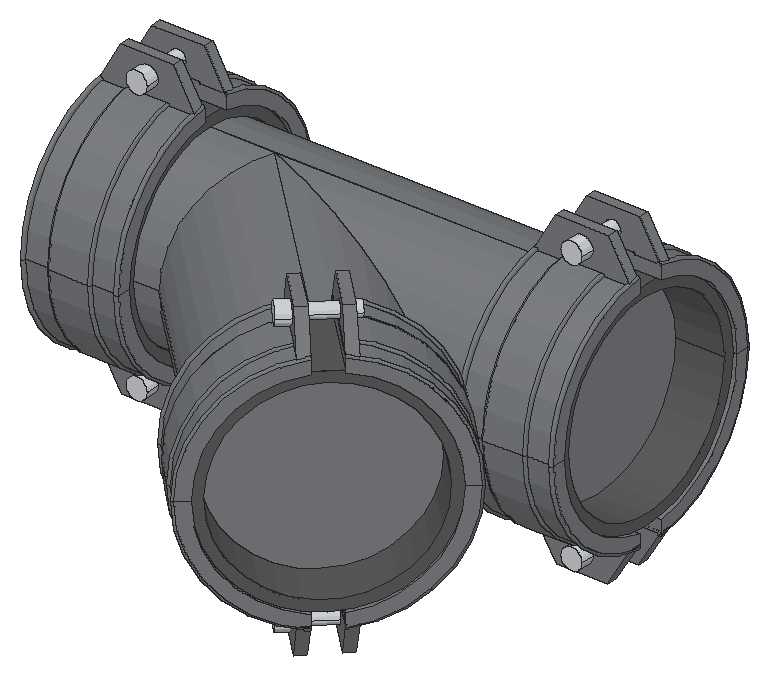
Revit family "PBUK_ED_Single Branch_ED006_DI", category Pipe Fittings, Revit 2024 (continued)
Definition of nested family "PBUK_Two-Piece Ductile Iron Coupling-Rotated Assembly"
  Definition of nested family "PBUK_ED_Two-Piece Ductile Iron Coupling_ED001"
    Dimensions and locks
      aligned and locked: Extrusion 6 sketch curve to plane 5
      aligned and locked: Extrusion 6 to plane 17
      aligned and locked: plane 16 to Extrusion 6
      aligned and locked: plane 6 to curve 11
      aligned and locked: plane 31 to curve 11
      aligned and locked: plane 5 to curve 12
      aligned and locked: plane 31 to curve 12
      aligned and locked: Extrusion 7 sketch curve to plane 15
      aligned and locked: plane 6 to Extrusion 7 sketch curve
      aligned and locked: Extrusion 7 sketch curve to plane 20
      aligned and locked: plane 5 to Extrusion 7 sketch curve
      aligned and locked: plane 16 to Extrusion 7
      aligned and locked: Extrusion 7 to plane 17
      aligned and locked: Extrusion 8 sketch curve to cut or joined group of Extrusion 2, Extrusion 7
      aligned and locked: Extrusion 8 sketch curve to plane 15
      aligned and locked: Extrusion 8 sketch curve to plane 5
      aligned and locked: plane 20 to Extrusion 8 sketch curve
      aligned and locked: cut or joined group of Extrusion 2, Extrusion 6 to Extrusion 8 sketch curve
      aligned and locked: Extrusion 8 sketch curve to plane 22
      aligned and locked: plane 5 to Extrusion 8 sketch curve
      aligned and locked: plane 21 to Extrusion 8 sketch curve
      aligned and locked: Extrusion 8 to plane 17
      aligned and locked: plane 16 to Extrusion 8
      aligned and locked: plane 19 to Extrusion 8 sketch curve  (x2)
      aligned and locked: plane 31 to Extrusion 8 sketch curve  (x2)
      aligned and locked: plane 18 to Extrusion 8 sketch curve  (x2)
      aligned and locked: plane 32 to Extrusion 8 sketch curve  (x2)
      aligned and locked: plane 35 to Extrusion 9
      aligned and locked: plane 16 to Extrusion 9
      aligned and locked: Extrusion 9 to Extrusion 10
      aligned and locked: plane 16 to Extrusion 10
      aligned and locked: plane 18 to Extrusion 11 sketch curve
      aligned and locked: plane 31 to Extrusion 11 sketch curve
      aligned and locked: plane 19 to Extrusion 12 sketch curve
      aligned and locked: plane 31 to Extrusion 12 sketch curve
      aligned and locked: plane 32 to Extrusion 13 sketch curve
      aligned and locked: plane 18 to Extrusion 13 sketch curve
      aligned and locked: plane 19 to Extrusion 14 sketch curve
      aligned and locked: plane 32 to Extrusion 14 sketch curve
      aligned and locked: plane 35 to Extrusion 11
      aligned and locked: plane 35 to Extrusion 12
      aligned and locked: plane 35 to Extrusion 13
      aligned and locked: plane 35 to Extrusion 14
      aligned and locked: plane 16 to Extrusion 13
      aligned and locked: plane 16 to Extrusion 14
      aligned and locked: plane 16 to Extrusion 11
      aligned and locked: plane 16 to Extrusion 12
      aligned and locked: plane 3 "Center (Left/Right)" to Extrusion 15 sketch curve  (x2)
      aligned and locked: plane 23 to Extrusion 15 sketch curve
      aligned and locked: Extrusion 15 to plane 16
      aligned and locked: Extrusion 15 to plane 36
      aligned and locked: plane 24 to Extrusion 15 sketch curve
      aligned and locked: plane 19 to Extrusion 16 sketch curve  (x2)
      aligned and locked: plane 31 to Extrusion 16 sketch curve
      aligned and locked: plane 32 to Extrusion 16 sketch curve
      aligned and locked: plane 16 to Extrusion 16
      aligned and locked: Extrusion 16 to plane 36
      aligned and locked: plane 31 to Extrusion 17 sketch curve
      aligned and locked: plane 32 to Extrusion 17 sketch curve
      aligned and locked: Extrusion 17 to plane 16
      aligned and locked: Extrusion 17 to plane 36
      aligned and locked: Extrusion 3 sketch curve to cut or joined group of Extrusion 2, Extrusion 8
      aligned and locked: plane 21 to cut or joined group of Extrusion 2, Extrusion 8
      aligned and locked: plane 18 to Extrusion 17 sketch curve  (x2)
      aligned and locked: plane 18 to Extrusion 6 sketch curve
      aligned and locked: plane 19 to Extrusion 6 sketch curve
      aligned and locked: plane 18 to Extrusion 7 sketch curve
      aligned and locked: plane 19 to Extrusion 7 sketch curve
      aligned and locked: curve 13 to level
    Automatic sketch dimensions
      Extrusion 2 sketch curve to plane 15 = 0 mm
      Extrusion 4 sketch curve to plane 3 "Center (Left/Right)" = 0 mm
      Extrusion 4 sketch curve to plane 23 = 0 mm
      Extrusion 9 sketch curve to plane 3 "Center (Left/Right)" = 0 mm
      Extrusion 9 sketch curve to plane 23 = 0 mm
      Extrusion 10 sketch curve to plane 3 "Center (Left/Right)" = 0 mm
      Extrusion 10 sketch curve to plane 24 = 0 mm
      curve 3 to plane 22 = 1.267 mm
      curve 3 to plane 25 "External ML4" = 3.513 mm
      plane 22 to curve 4 = 0.488 mm
      curve 2 to plane 20 = 0.206 mm
      curve 1 to plane 20 = 0.139 mm
      plane 5 to curve 4 = 0.001 mm
      Revolve 1 sketch curve to level = 0 mm
      plane 8 to Revolve 1 sketch curve = 0 mm
      plane 10 "External ML1" to Revolve 1 sketch curve = 0 mm
      Revolve 1 sketch curve to plane 7 = 0 mm
      plane 11 "External ML2" to Revolve 1 sketch curve = 0 mm
      plane 9 to Revolve 1 sketch curve = 0 mm
      plane 6 to Revolve 1 sketch curve = 0 mm
      plane 5 to Revolve 1 sketch curve = 15 mm
      Extrusion 3 sketch curve to plane 3 "Center (Left/Right)" = 0 mm
      Extrusion 3 sketch curve to plane 6 = 0 mm
      Extrusion 3 sketch curve to plane 24 = 0 mm
      Extrusion 3 sketch curve to plane 10 "External ML1" = 2.218 mm
      plane 11 "External ML2" to Extrusion 3 sketch curve = 2.218 mm
      curve 13 to plane 22 = 53.4 mm
      plane 15 to curve 13 = 50 mm
      plane 32 to Extrusion 6 sketch curve = 0 mm  (x4)
      plane 18 to Extrusion 6 sketch curve = 0.5 mm
      Extrusion 6 sketch curve to plane 19 = 0.5 mm
      Extrusion 7 sketch curve to plane 31 = 0 mm  (x4)
      plane 19 to Extrusion 7 sketch curve = 0.5 mm
      Extrusion 7 sketch curve to plane 18 = 0.5 mm
      curve 5 to level = 0 mm
      curve 5 to plane 1 "Center (Front/Back)" = 0 mm
      curve 6 to level = 0 mm
      curve 6 to plane 1 "Center (Front/Back)" = 0 mm
      Extrusion 5 sketch curve to Extrusion 5 sketch curve = 0 mm  (x2)
      Extrusion 5 sketch curve to level = 0 mm
      Extrusion 5 sketch curve to plane 1 "Center (Front/Back)" = 0 mm
      curve 7 to level = 0 mm
      curve 7 to plane 1 "Center (Front/Back)" = 0 mm
      curve 8 to level = 0 mm
      curve 8 to plane 1 "Center (Front/Back)" = 0 mm
      radius of Extrusion 4 sketch curve = 4.5 mm
      radius of Extrusion 9 sketch curve = 4 mm
      radius of Extrusion 10 sketch curve = 4 mm
      radius of Extrusion 11 sketch curve = 4 mm
      radius of Extrusion 12 sketch curve = 4 mm
      radius of Extrusion 13 sketch curve = 4 mm
      radius of Extrusion 14 sketch curve = 4 mm
      radius of Extrusion 15 sketch curve = 6 mm  (x2)
      radius of Extrusion 16 sketch curve = 6 mm  (x2)
      radius of Extrusion 17 sketch curve = 6 mm  (x2)
      radius of Extrusion 3 sketch curve = 4.5 mm
      radius of Extrusion 6 sketch curve = 4.5 mm  (x2)
      radius of Extrusion 7 sketch curve = 4.5 mm  (x2)
      radius of Extrusion 8 sketch curve = 4.5 mm  (x4)
